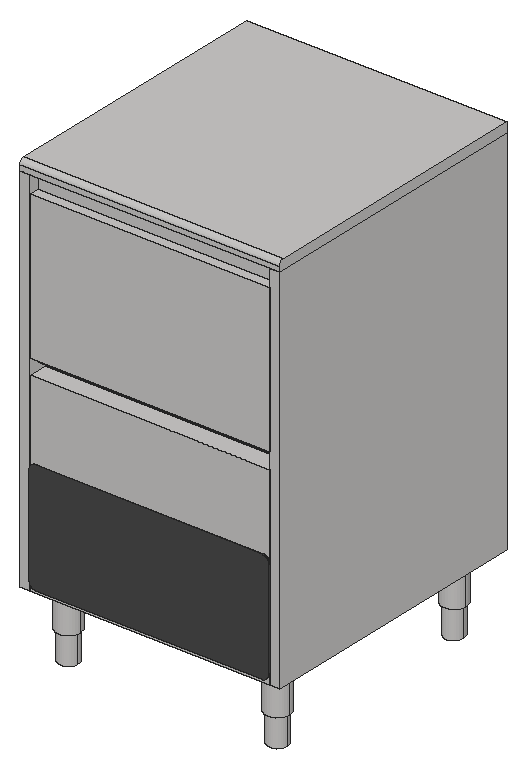
Revit family "QF_ZANUSSI_730311_ICB56I25SNP", category Attrezzature speciali, Revit 2018
Family settings
  Quota connettore circolare = Usa diametro
  Tipo di parte = Normale
  Basato su piano di lavoro = No
  Sempre verticale = Sì
  Taglio con vuoti quando caricato = No
  Condiviso = No
  Punto di calcolo locali = No
Parameters (values of type "Standard")
  Weight = 56.00 kg
  Watts = 0 W
  Volts = 220 V
  URL Manufacturer = "http://www.zanussiprofessional.com"
  URL = "http://www.zanussiprofessional.com"
  Steam Supply Size = 0 mm
  Steam Supply Minimum Pressure = 0.0 Pa
  Steam Supply Maximum Pressure = 0.0 Pa
  Steam Pounds per Hour = 0
  Show Logo [instance] = yes
  Show Clearance [instance] = yes
  Refrigeration Suction Line Size = 0 mm
  Refrigeration Liquid Line Size = 0 mm
  Refrigerant Compressor Remote = yes
  Produttore = "Zanussi"
  Phase = 1
  Modello = "ICB56I25SNP"
  Length Actual = 535 mm  # constant formula
  Item Number = "730311"
  Hot Water Size = 0 mm
  Height Actual = 894 mm  # constant formula
  HP = "0 HP"
  Gas Size = 0 mm
  Gas KW = 0
  Gas Input Pressure = 0 W
  Descrizione = "WATER COOLED ICE CUBER 22GR 56KG/24H-BIN 25KG"
  Depth Actual = 595 mm  # constant formula
  Cycle = 50 Hz
  Condensate Return Size = 0 mm
  Compressed Air Volume = 0.0 L/s
  Compressed Air Size = 0 mm
  Compressed Air Pressure = 0.0 Pa
  Cold Water Size = 19.05 mm
  Accessory = yes
Reference planes
  plane 1 "Center X": y = 272.851
  plane 2: z = 0
  plane 3 "Center Y": x = -501.5
  plane 4 "LEFT": x = -769
  plane 5 "RIGHT": x = -234
  plane 6 "FRONT": y = -19.649
  plane 7 "BACK": y = 565.351
  plane 8: z = 143
  plane 9: z = 932
  plane 10: z = 912
  plane 11: x = -749
  plane 12: x = -254
  plane 13: y = 20.351
Forms (mm)
  Extrusion 1, solid, material "QF_Finishes_Black"
    sketch origin (-217.296, -19.649, 371.513) x (-1, 0, 0) y (0, 0, -1)
      loop
        arc (516.704, -9.487) -> (527.311, -5.093) -> (531.704, 5.513) r 15
        line (531.704, 5.513) -> (531.704, 206.469)
        arc (531.704, 206.469) -> (527.311, 217.075) -> (516.704, 221.469) r 15
        line (516.704, 221.469) -> (51.704, 221.469)
        arc (51.704, 221.469) -> (41.097, 217.075) -> (36.704, 206.469) r 15
        line (36.704, 206.469) -> (36.704, 5.513)
        arc (36.704, 5.513) -> (41.097, -5.093) -> (51.704, -9.487) r 15
        line (51.704, -9.487) -> (516.704, -9.487)
    from 0 to 2
  Extrusion 2, solid, material "QF_Finishes_Stainless Steel"
    sketch origin (-501.5, 0, 0) x (0, 1, 0) y (0, 0, 1)
      loop
        line (565.351, 912) -> (565.351, 932) -> (-9.649, 932)
        arc (-9.649, 932) -> (-16.72, 929.071) -> (-19.649, 922) r 10
        line (-19.649, 922) -> (-19.649, 912) -> (565.351, 912)
    from -267.5 to 267.5
  Extrusion 3, solid, material "QF_Finishes_Stainless Steel"
    sketch origin (-354.7, 565.351, -329.545) x (1, 0, 0) y (0, 0, -1)
      loop
        circle (53.2, -643.545) r 10
    from 0 to 10
  Extrusion 4, solid, material "QF_Finishes_Stainless Steel"
    sketch origin (0, 0, 0) x (1, 0, 0) y (0, 1, 0)
      loop
        line (-769, 565.351) -> (-769, -19.649) -> (-749, -19.649) -> (-749, 565.351) -> (-769, 565.351)
    from 143 to 912
  Extrusion 5, solid, material "QF_Finishes_Stainless Steel"
    sketch origin (0, 0, 0) x (1, 0, 0) y (0, 1, 0)
      loop
        line (-254, 565.351) -> (-254, -19.649) -> (-234, -19.649) -> (-234, 565.351) -> (-254, 565.351)
    from 143 to 912
  Extrusion 6, solid, material "QF_Finishes_Stainless Steel"
    sketch origin (0, 0, 0) x (1, 0, 0) y (0, 1, 0)
      loop
        line (-749, 565.351) -> (-749, 20.351) -> (-254, 20.351) -> (-254, 565.351) -> (-749, 565.351)
    from 143 to 912
  Extrusion 7, solid, material "QF_Finishes_Stainless Steel"
    sketch origin (0, 0, 0) x (1, 0, 0) y (0, 1, 0)
      loop
        line (-749, -19.649) -> (-254, -19.649) -> (-254, 20.351) -> (-749, 20.351) -> (-749, -19.649)
    from 143 to 541.146
  Extrusion 8, solid, material "QF_Finishes_Stainless Steel"
    sketch origin (-501.5, 0, 0) x (0, 1, 0) y (0, 0, 1)
      loop
        line (20.351, 912) -> (0.351, 912) -> (0.351, 876) -> (-19.649, 876) -> (-19.649, 572.768) -> (0.351, 572.768) -> (0.351, 557) -> (20.351, 557) -> (20.351, 912)
    from -247.5 to 247.5
  Extrusion 9, solid, material "QF_Finishes_Stainless Steel"
    sketch origin (-337.2, 565.351, -440.545) x (1, 0, 0) y (0, 0, -1)
      loop
        circle (53.2, -643.545) r 10
    from 0 to 10
  Extrusion 10, solid, material "QF_Finishes_Stainless Steel"
    sketch origin (-397.7, 565.351, -361.545) x (1, 0, 0) y (0, 0, -1)
      loop
        circle (53.2, -643.545) r 10
    from 0 to 10
Lines and regions (mm)
  Split face 1
    outline origin (-501.5, 0.351, 912) x (0, 0, -1) y (1, 0, 0)
      loop
        line (5.715, 124.928) -> (30.715, 124.928) -> (30.715, 164.928) -> (5.715, 164.928) -> (5.715, 124.928)
  symbolic lines
    curve 1: line (-769, 565.351, 0) -> (-234, 565.351, 0)
    curve 2: line (-769, -19.649, 0) -> (-769, 565.351, 0)
    curve 3: line (-234, -19.649, 0) -> (-769, -19.649, 0)
    curve 4: line (-234, 565.351, 0) -> (-234, -19.649, 0)
Dimensions and locks
  equal spacing: plane 4 "LEFT", plane 3 "Center Y", plane 5 "RIGHT"
  plane 4 "LEFT" to plane 5 "RIGHT" = 535 mm
  equal spacing: plane 7 "BACK", plane 1 "Center X", plane 6 "FRONT"
  plane 7 "BACK" to plane 6 "FRONT" = 585 mm
  plane 8 to plane 2 = 143 mm
  plane 9 to plane 8 = 789 mm
  locked: plane 4 "LEFT" to plane 11 at 20
  locked: plane 12 to plane 5 "RIGHT" at 20
  locked: plane 9 to plane 10 at 20
  locked: plane 13 to plane 6 "FRONT" at 40
  aligned and locked: level to plane 2
  aligned and locked: plane 5 "RIGHT" to Extrusion 2
  aligned and locked: Extrusion 2 to plane 4 "LEFT"
  aligned and locked: Extrusion 4 sketch curve to Extrusion 2  (x2)
  aligned and locked: plane 6 "FRONT" to Extrusion 4 sketch curve
  aligned and locked: Extrusion 4 sketch curve to plane 11
  aligned and locked: Extrusion 5 sketch curve to plane 7 "BACK"
  aligned and locked: plane 12 to Extrusion 5 sketch curve
  aligned and locked: Extrusion 5 sketch curve to Extrusion 2  (x2)
  aligned and locked: plane 10 to Extrusion 4
  aligned and locked: plane 10 to Extrusion 5
  aligned and locked: Extrusion 4 to plane 8
  aligned and locked: Extrusion 5 to plane 8
  aligned and locked: Extrusion 6 sketch curve to Extrusion 4
  aligned and locked: Extrusion 4 to Extrusion 6 sketch curve
  aligned and locked: plane 13 to Extrusion 6 sketch curve
  aligned and locked: Extrusion 6 sketch curve to plane 12
  aligned and locked: plane 10 to Extrusion 6
  aligned and locked: Extrusion 6 to plane 8
  aligned and locked: Extrusion 4 to Extrusion 7 sketch curve
  aligned and locked: Extrusion 7 sketch curve to Extrusion 4
  aligned and locked: plane 13 to Extrusion 7 sketch curve
  aligned and locked: plane 12 to Extrusion 7 sketch curve
  aligned and locked: Extrusion 7 to plane 8
  aligned and locked: plane 12 to Extrusion 8
  aligned and locked: Extrusion 8 to plane 11
Automatic sketch dimensions
  curve 3 to plane 4 "LEFT" = 0 mm
  curve 3 to plane 5 "RIGHT" = 0 mm
  curve 3 to plane 6 "FRONT" = 0 mm
  curve 2 to plane 7 "BACK" = 0 mm
  Extrusion 1 sketch curve to plane 12 = 0 mm
  plane 8 to Extrusion 1 sketch curve = 7.044 mm
  Extrusion 1 sketch curve to Extrusion 1 sketch curve = 15 mm  (x3)
  plane 11 to Extrusion 1 sketch curve = 15 mm  (x2)
  Extrusion 1 sketch curve to Extrusion 1 sketch curve = 200.956 mm
  Extrusion 2 sketch curve to plane 6 "FRONT" = 0 mm
  Extrusion 2 sketch curve to plane 9 = 0 mm
  Extrusion 2 sketch curve to plane 7 "BACK" = 0 mm
  Extrusion 2 sketch curve to plane 10 = 0 mm
  plane 6 "FRONT" to Extrusion 2 sketch curve = 10 mm
  Extrusion 6 to Extrusion 3 sketch curve = 171 mm
  Extrusion 3 sketch curve to Extrusion 6 = 47.5 mm
  Extrusion 8 sketch curve to plane 6 "FRONT" = 0 mm
  Extrusion 8 sketch curve to plane 10 = 0 mm
  Extrusion 8 sketch curve to plane 13 = 0 mm
  plane 6 "FRONT" to Extrusion 8 sketch curve = 20 mm  (x2)
  Extrusion 8 sketch curve to plane 10 = 36 mm
  Extrusion 8 sketch curve to Extrusion 8 sketch curve = 303.232 mm
  Extrusion 8 sketch curve to Extrusion 8 sketch curve = 15.768 mm
  Split face 1 sketch curve to Extrusion 8 = 5.715 mm
  Extrusion 8 to Split face 1 sketch curve = 5.285 mm
  Split face 1 sketch curve to Extrusion 8 = 122.572 mm
  Split face 1 sketch curve to Split face 1 sketch curve = 40 mm
  Extrusion 9 sketch curve to Extrusion 6 = 30 mm
  Extrusion 6 to Extrusion 9 sketch curve = 60 mm
  Extrusion 10 sketch curve to Extrusion 6 = 90.5 mm
  Extrusion 6 to Extrusion 10 sketch curve = 139 mm
  radius of Extrusion 3 sketch curve = 10 mm
  radius of Extrusion 9 sketch curve = 10 mm
  radius of Extrusion 10 sketch curve = 10 mm
Nested families
  nested 1: "Foot_Complete" at (-717, 40.351, 0), type "Foot_Complete"
    with H 143 mm
  nested 2: "Foot_Complete" at (-286, 40.351, 0) x (-1, 0, 0) z (0, 0, 1), type "Foot_Complete"
    with H 143 mm
  nested 3: "Foot_Complete" at (-717, 494.351, 0), type "Foot_Complete"
    with H 143 mm
  nested 4: "Foot_Complete" at (-286, 494.351, 0) x (-1, 0, 0) z (0, 0, 1), type "Foot_Complete"
    with H 143 mm
Connectors
  electrical at (-284, 575.351, 203), driven by "Volts"
    settings: on Extrusion 9, index 1, voltage 220 V, apparent load 0 VA, apparent load phase1 0 VA, apparent load phase2 0 VA, apparent load phase3 0 VA, power factor 1, load classification "Altro", number of poles 1, system type 30, power factor state 1, is connector primary yes, connector utility no, sub classification motor no, connector description "Electrical Connection"
  piping at (-301.5, 575.351, 314), diameter 20
    settings: on Extrusion 3, index 2, connector inside diameter 609.6 mm, connector length 0 mm, flow factor 0, pipe flow 0.0 L/s, pressure drop 0.0 Pa, fitting loss kfactor 0, connector angle 0.00°, fixture units 0, engagement length 0 mm, angle of deflection 0.00°, flow configuration 0, flow direction 0, fitting loss method 0, system type 20, joint type 0, gender type 0, connector reference index -1, connector utility 0, adjustable connector no, is connector primary yes, connector description "Cold water"
  piping at (-344.5, 575.351, 282), diameter 20
    settings: on Extrusion 10, index 3, connector inside diameter 609.6 mm, connector length 0 mm, flow factor 0, pipe flow 0.0 L/s, pressure drop 0.0 Pa, fitting loss kfactor 0, connector angle 0.00°, fixture units 0, engagement length 0 mm, angle of deflection 0.00°, flow configuration 0, flow direction 0, fitting loss method 0, system type 16, joint type 0, gender type 0, connector reference index -1, connector utility 0, adjustable connector no, is connector primary no, connector description "Drain"
Definition of nested family "Foot_Complete"
  Parameters (values of type "Foot_Complete")
    R = 25 mm
    H = 153 mm
  Reference planes
    plane 1 "Centro (Fronte/Retro)": y = 0
    plane 2: z = 0
    plane 3 "Centro (Sinistra/Destra)": x = 0
    plane 4: z = 153
  Forms (mm)
    Revolve 1, solid
      sketch origin (255.05, 0, 608.09) x (0, 0, 1) y (-1, 0, 0)
        loop
          line (-608.09, 255.05) -> (-608.09, 235.05) -> (-548.09, 235.05) -> (-548.09, 230.05) -> (-455.09, 230.05) -> (-455.09, 255.05) -> (-608.09, 255.05)
        axis (-608.09, 255.05) -> (-455.09, 255.05)
      angle from 0 to 360
  Dimensions and locks
    level to Revolve 1 sketch curve = 60 mm
    "R": Revolve 1 sketch curve to plane 3 "Centro (Sinistra/Destra)"
    "H": plane 4 to level
    aligned and locked: level to plane 2
    aligned and locked: plane 4 to Revolve 1 sketch curve
    aligned and locked: Revolve 1 sketch curve to level
    aligned and locked: plane 3 "Centro (Sinistra/Destra)" to Revolve 1 sketch curve
  Automatic sketch dimensions
    Revolve 1 sketch curve to plane 3 "Centro (Sinistra/Destra)" = 0 mm
    plane 3 "Centro (Sinistra/Destra)" to Revolve 1 sketch curve = 20 mm
    Revolve 1 sketch curve to Revolve 1 sketch curve = 50 mm
    Revolve 1 sketch curve to Revolve 1 sketch curve = 20 mm
